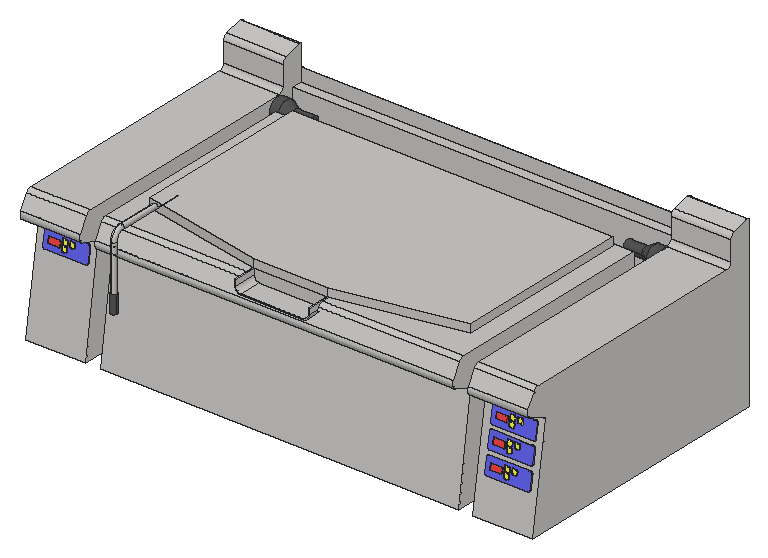
Revit family "QF_CAPIC_PILOTE_W296602", category Equipement spécialisé, Revit 2018
Family settings
  Cote de connecteur circulaire = Utiliser le diamètre
  Type d'élément = Normal
  Numéro OmniClass = 23.40.40.14
  Titre OmniClass = Food Service Equipment
  Basée sur le plan de construction = Non
  Toujours verticalement = Oui
  Couper avec des vides une fois chargée = Non
  Partagée = Non
  Point de calcul de pièce = Non
Parameters (values of type "1700 x 925 x 450 mm")
  URL catalogue = "http://www.capic-fr.com/fr/"
  Type de Raccord Plomberie [instance] = "Raccord 15/21"
  Type de Raccord Electrique [instance] = "Bornier interne"
  Type de Gaz = ""
  Type article [instance] = ""
  Tension = 400 V
  Spécification du Fabricant = ""
  Show Logo [instance] = yes
  Remarques evacuation [instance] = "Ecoulement dans caniveau"
  Remarques Plomberie [instance] = "Eau chaude + froide"
  Remarques Electricité [instance] = "400V TRI + N + T"
  Puissance électrique  = 18000 W
  Puissance Gaz kW = 0
  Profondeur hors tout = 925 mm
  Pression Maximum Eau Adoucie = 0.0 Pa
  Pos Bec = Longueur hors tout / 2  # 850 mm
  Poids net à vide = 330.00 kg
  Pieds (Option X296001) [instance] = no
  Phase = 3
  Modèle = "W296602"
  Longueur hors tout = 1700 mm
  Intensité nominale = 0 A
  Hauteur hors tout = 570 mm
  Hauteur de Raccordement du Sol Finis = 550 mm
  Hauteur de Raccordement Gaz du Sol Finis = 0 mm
  Hauteur de Raccordement Evacuation Directe du Sol Finis = 0 mm
  Hauteur de Raccordement Eau Froide du Sol Finis = 600 mm
  Hauteur de Raccordement Eau Chaude du Sol Finis = 600 mm
  Hauteur de Raccordement Eau Adoucie du Sol Finis = 0 mm
  Fréquence = 50 Hz
  Fabricant = "CAPIC"
  Débit d'air d'extraction = 1350.0 m³/h
  Débit Gaz = 0.0 L/s
  Débit Eau Froide = 0.0 L/s
  Débit Eau Chaude = 0.0 L/s
  Débit Eau Adoucie = 0.0 L/s
  Diamètre de Raccordement Gaz = 0 mm
  Diamètre de Raccordement Evacuation = 0 mm
  Diamètre de Raccordement Eau Froide = 15 mm
  Diamètre de Raccordement Eau Chaude = 15 mm
  Diamètre de Raccordement Eau Adoucie = 0 mm
  Description = "Sauteuse multifonction 60dm2"
  Assembly Code = ""
  Classification  Omniclass nombre et titre = "23.40.40.14"
Reference planes
  plane 1 "Centre (avant/arrière)": y = 0
  plane 2: z = 0
  plane 3 "Centre (gauche/droite)": x = 1000
  plane 4: x = 1200
  plane 5: x = 2500
  plane 6: x = 2700
  plane 7: x = 1000
  plane 8: x = 1250
  plane 9: x = 2450
  plane 10: x = 2387
  plane 11: x = 1313
  plane 12: x = 1974
  plane 13: x = 1726
  plane 14: x = 2676
  plane 15: x = 1024
  plane 16: y = -690
  plane 17: x = 1333.6
  plane 18: x = 1850
  plane 19: y = -80
  plane 20: y = -757
  plane 21: x = 1100
  plane 22: x = 2600
Forms (mm)
  Extrusion 1, solid, material "QF_Stainless Steel-Brushed"
    sketch origin (2000, 0, 0) x (0, 1, 0) y (0, 0, 1)
      loop
        line (0, 450) -> (0, 1013.429)
        arc (0, 1013.429) -> (-0.782, 1015.016) -> (-2.518, 1015.361) r 2
        line (-2.518, 1015.361) -> (-57.918, 1000.516)
        arc (-57.918, 1000.516) -> (-68.074, 993.73) -> (-72, 982.164) r 19
        line (-72, 982.164) -> (-72, 917)
        arc (-72, 917) -> (-76.979, 904.979) -> (-89, 900) r 17
        line (-89, 900) -> (-879.289, 900)
        arc (-879.289, 900) -> (-889.289, 897.321) -> (-896.61, 890) r 20
        line (-896.61, 890) -> (-922.551, 845.067)
        arc (-922.551, 845.067) -> (-924.025, 828.227) -> (-912.071, 816.274) r 20
        line (-912.071, 816.274) -> (-852.584, 794.622)
        arc (-852.584, 794.622) -> (-849.467, 792.029) -> (-848.71, 788.045) r 6
        line (-848.71, 788.045) -> (-902.251, 450) -> (0, 450)
    from -1000 to -800
  Extrusion 2, solid, material "QF_Stainless Steel-Brushed"
    sketch origin (3640.271, 0, 0) x (0, 1, 0) y (0, 0, 1)
      loop
        line (0, 450) -> (0, 1013.429)
        arc (0, 1013.429) -> (-0.782, 1015.016) -> (-2.518, 1015.361) r 2
        line (-2.518, 1015.361) -> (-57.918, 1000.516)
        arc (-57.918, 1000.516) -> (-68.074, 993.73) -> (-72, 982.164) r 19
        line (-72, 982.164) -> (-72, 917)
        arc (-72, 917) -> (-76.979, 904.979) -> (-89, 900) r 17
        line (-89, 900) -> (-879.289, 900)
        arc (-879.289, 900) -> (-889.289, 897.321) -> (-896.61, 890) r 20
        line (-896.61, 890) -> (-922.551, 845.067)
        arc (-922.551, 845.067) -> (-924.025, 828.227) -> (-912.071, 816.274) r 20
        line (-912.071, 816.274) -> (-852.584, 794.622)
        arc (-852.584, 794.622) -> (-849.467, 792.029) -> (-848.71, 788.045) r 6
        line (-848.71, 788.045) -> (-902.251, 450) -> (0, 450)
    from -1140.271 to -940.271
  Extrusion 3, solid, material "QF_Stainless Steel-Brushed"
    sketch origin (2330, 0, 0) x (0, 1, 0) y (0, 0, 1)
      loop
        line (-167.8, 450) -> (-167.8, 900) -> (-879.289, 900)
        arc (-879.289, 900) -> (-889.289, 897.321) -> (-896.61, 890) r 20
        line (-896.61, 890) -> (-922.551, 845.067)
        arc (-922.551, 845.067) -> (-924.025, 828.227) -> (-912.071, 816.274) r 20
        line (-912.071, 816.274) -> (-852.584, 794.622)
        arc (-852.584, 794.622) -> (-849.467, 792.029) -> (-848.71, 788.045) r 6
        line (-848.71, 788.045) -> (-902.251, 450) -> (-167.8, 450)
    from -1080 to 120
  Extrusion 4, solid, material "QF_Stainless Steel-Brushed"
    sketch origin (2000, -494.162, -132.867) x (0, 1, 0) y (0, 0, 1)
      loop
        line (494.162, 1076.367) -> (492.662, 1076.367) -> (492.662, 1032.867) -> (455.662, 1032.867) -> (455.662, 849.104) -> (389.555, 764.49) -> (389.555, 582.867) -> (391.055, 582.867) -> (391.055, 763.974) -> (457.162, 848.587) -> (457.162, 1029.867) -> (494.162, 1029.867) -> (494.162, 1076.367)
    from -800 to 500
  Revolve 5, solid, material "QF_Plastic-Black"
    sketch origin (855.885, -1524, 865) x (-1, 0, 0) y (0, -1, 0)
      loop
        line (-344.115, -1459) -> (-344.115, -1424) -> (-468.115, -1424) -> (-468.115, -1442) -> (-407.115, -1442) -> (-377.115, -1459) -> (-344.115, -1459)
      axis (-344.115, -1424) -> (-468.115, -1424)
    angle from 0 to 360
  Revolve 6, solid, material "QF_Plastic-Black"
    sketch origin (3144.115, -1524, 865) x (1, 0, 0) y (0, 1, 0)
      loop
        line (-644.115, 1459) -> (-677.115, 1459) -> (-707.115, 1442) -> (-768.115, 1442) -> (-768.115, 1424) -> (-644.115, 1424) -> (-644.115, 1459)
      axis (-644.115, 1424) -> (-768.115, 1424)
    angle from 0 to 360
  Extrusion 7, solid, material "QF_Stainless Steel-Brushed"
    sketch origin (363.202, -132.622, 0) x (1, 0, 0) y (0, 1, 0)
      loop
        line (949.798, -43.378) -> (949.798, -639.378) -> (1362.798, -723.378) -> (1610.798, -723.378) -> (2023.798, -639.378) -> (2023.798, -43.378) -> (949.798, -43.378)
    from 900 to 928
  Extrusion 8, solid, material "QF_Stainless Steel-Brushed"
    sketch origin (2000, 0, 0) x (0, 1, 0) y (0, 0, 1)
      loop
        circle (-690, 670) r 45
    from -800 to -750
  Extrusion 9, solid, material "QF_Stainless Steel-Brushed"
    sketch origin (2000, 0, 0) x (0, 1, 0) y (0, 0, -1)
      loop
        circle (-690, -670) r 45
    from -500 to -450
  Sweep 10, solid, material "QF_Stainless Steel-Brushed"
    path origin (1333.6, 444.623, 4000) x (0, 1, 0) y (0, 0, 1)
      loop
        line (-1134.623, -3085) -> (-1364.623, -3085)
        arc (-1364.623, -3085) -> (-1385.836, -3093.787) -> (-1394.623, -3115) r 30
        line (-1394.623, -3115) -> (-1394.623, -3271.5)
    profile origin (1333.6, -805, 915) x (0, 0, -1) y (1, 0, 0)
      loop
        circle (0, 0) r 8
  Extrusion 11, solid, material "QF_Stainless Steel-Brushed"
    sketch origin (1703.331, 0, -242.806) x (1, 0, 0) y (0, 0, 1)
      loop
        line (21.669, 1142.806) -> (21.669, 1122.806)
        arc (21.669, 1122.806) -> (27.527, 1108.664) -> (41.669, 1102.806) r 20
        line (41.669, 1102.806) -> (251.669, 1102.806)
        arc (251.669, 1102.806) -> (265.811, 1108.664) -> (271.669, 1122.806) r 20
        line (271.669, 1122.806) -> (271.669, 1142.806) -> (268.669, 1142.806) -> (268.669, 1122.806)
        arc (268.669, 1122.806) -> (263.69, 1110.786) -> (251.669, 1105.806) r 17
        line (251.669, 1105.806) -> (41.669, 1105.806)
        arc (41.669, 1105.806) -> (29.648, 1110.786) -> (24.669, 1122.806) r 17
        line (24.669, 1122.806) -> (24.669, 1142.806) -> (21.669, 1142.806)
    from 856 to 932
  Extrusion 12, void
    sketch origin (2000, 0, 0) x (1, 0, 0) y (0, 0, 1)
      loop
        line (-275, 900) -> (-275, 880)
        arc (-275, 880) -> (-269.142, 865.858) -> (-255, 860) r 20
        line (-255, 860) -> (-45, 860)
        arc (-45, 860) -> (-30.858, 865.858) -> (-25, 880) r 20
        line (-25, 880) -> (-25, 900) -> (-275, 900)
    from 856 to 932
  Extrusion 13, solid, material "QF_Plastic-Black"
    sketch origin (2000, 0, 0) x (1, 0, 0) y (0, 1, 0)
      loop
        circle (-666.4, -949.574) r 10
    from 670 to 728.5
  Revolve 14, solid, material "QF_Stainless Steel-Brushed", visible <- "Pieds (Option X296001)"
    sketch origin (1100, -1524, 1213.106) x (0, 0, 1) y (0, -1, 0)
      loop
        line (-763.106, -1488) -> (-763.106, -1444) -> (-1213.106, -1444) -> (-1213.106, -1484) -> (-1205.106, -1484) -> (-1188.792, -1452) -> (-1143.106, -1452) -> (-1143.106, -1488) -> (-763.106, -1488)
      axis (-1213.106, -1444) -> (-763.106, -1444)
    angle from 0 to 360
  Revolve 15, solid, material "QF_Stainless Steel-Brushed", visible <- "Pieds (Option X296001)"
    sketch origin (2600, -1524, 1373.181) x (0, 0, 1) y (0, -1, 0)
      loop
        line (-923.181, -1488) -> (-923.181, -1444) -> (-1373.181, -1444) -> (-1373.181, -1484) -> (-1365.181, -1484) -> (-1348.866, -1452) -> (-1303.181, -1452) -> (-1303.181, -1488) -> (-923.181, -1488)
      axis (-1373.181, -1444) -> (-923.181, -1444)
    angle from 0 to 360
  Revolve 16, solid, material "QF_Stainless Steel-Brushed", visible <- "Pieds (Option X296001)"
    sketch origin (1100, -2201, 1213.106) x (0, 0, 1) y (0, -1, 0)
      loop
        line (-763.106, -1488) -> (-763.106, -1444) -> (-1213.106, -1444) -> (-1213.106, -1484) -> (-1205.106, -1484) -> (-1188.792, -1452) -> (-1143.106, -1452) -> (-1143.106, -1488) -> (-763.106, -1488)
      axis (-1213.106, -1444) -> (-763.106, -1444)
    angle from 0 to 360
  Revolve 17, solid, material "QF_Stainless Steel-Brushed", visible <- "Pieds (Option X296001)"
    sketch origin (2600, -2201, 1373.181) x (0, 0, 1) y (0, -1, 0)
      loop
        line (-923.181, -1488) -> (-923.181, -1444) -> (-1373.181, -1444) -> (-1373.181, -1484) -> (-1365.181, -1484) -> (-1348.866, -1452) -> (-1303.181, -1452) -> (-1303.181, -1488) -> (-923.181, -1488)
      axis (-1373.181, -1444) -> (-923.181, -1444)
    angle from 0 to 360
Cuts and joins
  Extrusion 12 cuts Extrusion 3
Lines and regions (mm)
  symbolic lines, style "SpecialityEquipment"
    curve 1: line (1000, -58.953, 1085.565) -> (1000, -118.218, 1762.978)
    curve 2: line (1000, -86.846, 1083.125) -> (1000, -58.953, 1085.565)
    curve 3: line (1000, -146.112, 1760.537) -> (1000, -86.846, 1083.125)
    curve 4: line (1000, -118.218, 1762.978) -> (1000, -146.112, 1760.537)
    curve 5: line (1000, -303.472, 1838.118) -> (1000, -168.986, 1849.884)
    curve 6: line (1000, -302.078, 1822.179) -> (1000, -167.591, 1833.945)
    curve 7: line (1000, -139.139, 1761.148) -> (1000, -143.758, 1813.946)
    curve 8: line (1000, -123.199, 1762.542) -> (1000, -127.819, 1815.34)
    curve 9: arc (1000, -167.591, 1833.945) -> (1000, -151.533, 1828.881) -> (1000, -143.758, 1813.946) r 22
    curve 10: arc (1000, -168.986, 1849.884) -> (1000, -141.248, 1841.138) -> (1000, -127.819, 1815.34) r 38
    curve 13: line (0, -370.766, 1804.123) -> (0, -301.686, 1817.696)
    curve 15: line (1000, -303.472, 1838.118) -> (1000, -303.864, 1842.601)
    curve 16: line (1000, -301.686, 1817.696) -> (1000, -302.078, 1822.179)
  symbolic lines, style "SpecialityEquipmentHiddenLines"
    curve 11: arc (1000, -179.175, 1755.536) -> (1000, -670.405, 1488.997) -> (1000, -885.671, 973.235) r 840
    curve 12: line (0, -303.864, 1842.601) -> (0, -374.252, 1843.971)
    curve 14: arc (0, -374.252, 1843.971) -> (0, -392.433, 1822.304) -> (0, -370.766, 1804.123) r 20
Dimensions and locks
  locked: plane 5 to plane 6 at 200
  locked: plane 7 to plane 4 at 200
  "Longueur hors tout": plane 7 to plane 6
  locked: plane 4 to plane 8 at 50
  locked: plane 9 to plane 5 at 50
  locked: plane 8 to plane 11 at 63
  locked: plane 10 to plane 9 at 63
  locked: plane 13 to plane 12 at 248
  locked: plane 6 to plane 14 at 24
  locked: plane 7 to plane 15 at 24
  locked: plane 8 to plane 17 at 83.6
  "Pos Bec": plane 7 to plane 18
  equal spacing: plane 13, plane 18, plane 12
  locked: plane 19 to plane 1 "Centre (avant/arrière)" at 80
  locked: plane 20 to plane 19 at 677
  locked: plane 21 to plane 7 at 100
  locked: plane 6 to plane 22 at 100
  aligned and locked: level to plane 2
  aligned and locked: plane 4 to Extrusion 1
  aligned and locked: plane 6 to Extrusion 2
  aligned and locked: Extrusion 1 to plane 7
  aligned and locked: Extrusion 2 to plane 5
  aligned and locked: Extrusion 3 to plane 8
  aligned and locked: plane 9 to Extrusion 3
  aligned and locked: plane 5 to Extrusion 4
  aligned and locked: Extrusion 4 to plane 4
  aligned and locked: Extrusion 4 to Extrusion 7
  aligned and locked: plane 11 to Extrusion 7
  aligned and locked: plane 10 to Extrusion 7
  aligned and locked: plane 13 to Extrusion 7 sketch curve
  aligned and locked: plane 12 to Extrusion 7 sketch curve
  aligned and locked: Extrusion 8 to plane 4
  aligned and locked: Extrusion 8 to Extrusion 3
  aligned and locked: plane 5 to Extrusion 9
  aligned and locked: Extrusion 9 to plane 9
  aligned and locked: plane 17 to Extrusion 13 sketch curve
  aligned and locked: Extrusion 13 to Sweep 10
  aligned and locked: nested 1 to plane 15
  aligned and locked: nested 2 to plane 14
  aligned and locked: plane 19 to Revolve 14 sketch curve  (x2)
  aligned and locked: nested 3 to plane 14
  aligned and locked: nested 4 to plane 14
Automatic sketch dimensions
  curve 9 to curve 10 = 0 mm  (x2)
  curve 15 to plane 19 = 223.472 mm
  curve 5 to curve 16 = 1.394 mm
  curve 5 to plane 19 = 88.986 mm
  curve 10 to curve 6 = 1.394 mm
  curve 9 to curve 9 = 1.917 mm
  curve 9 to curve 3 = 19.562 mm
  curve 9 to curve 7 = 21.916 mm
  curve 7 to curve 8 = 15.939 mm
  curve 3 to curve 4 = 27.893 mm
  curve 2 to plane 19 = 6.846 mm
  plane 19 to curve 11 = 33 mm
  level to curve 11 = 926 mm
  curve 11 to curve 2 = 157.125 mm
  curve 2 to curve 2 = 2.44 mm
  curve 3 to curve 10 = 51.491 mm
  curve 9 to curve 7 = 1.917 mm
  curve 7 to curve 8 = 1.394 mm
  curve 6 to curve 9 = 11.766 mm
  curve 6 to curve 15 = 15.939 mm
  curve 15 to curve 5 = 0.392 mm
  curve 11 to plane 20 = 128.671 mm
  curve 6 to curve 16 = 0.392 mm
  curve 11 to curve 3 = 33.063 mm
  curve 11 to curve 2 = 109.89 mm
  curve 12 to plane 19 = 294.252 mm
  curve 12 to curve 14 = 1.743 mm
  curve 14 to curve 13 = 1.743 mm
  level to curve 13 = 1804.123 mm
  curve 13 to curve 14 = 19.924 mm
  curve 12 to curve 12 = 70.387 mm
  curve 12 to curve 13 = 2.179 mm
  curve 13 to curve 13 = 13.572 mm
  curve 13 to curve 12 = 24.905 mm
  Extrusion 1 sketch curve to Extrusion 1 sketch curve = 2 mm
  Extrusion 1 sketch curve to Extrusion 1 sketch curve = 0.518 mm
  plane 19 to Extrusion 1 sketch curve = 27 mm
  Extrusion 1 sketch curve to Extrusion 1 sketch curve = 4.918 mm
  plane 19 to Extrusion 1 sketch curve = 8 mm
  Extrusion 1 sketch curve to plane 19 = 9 mm
  Extrusion 1 sketch curve to plane 20 = 91.71 mm
  Extrusion 1 sketch curve to Extrusion 1 sketch curve = 3.874 mm
  Extrusion 1 sketch curve to Extrusion 1 sketch curve = 2.052 mm
  Extrusion 1 sketch curve to Extrusion 1 sketch curve = 26.705 mm
  Extrusion 1 sketch curve to Extrusion 1 sketch curve = 17.321 mm  (x2)
  Extrusion 1 sketch curve to plane 20 = 145.251 mm
  Extrusion 1 sketch curve to Extrusion 1 sketch curve = 25.942 mm
  Extrusion 1 sketch curve to Extrusion 1 sketch curve = 6.84 mm
  Extrusion 1 sketch curve to Extrusion 1 sketch curve = 338.045 mm
  Extrusion 1 sketch curve to Extrusion 1 sketch curve = 0.939 mm
  Extrusion 1 sketch curve to Extrusion 1 sketch curve = 21.652 mm
  Extrusion 1 sketch curve to Extrusion 1 sketch curve = 18.794 mm
  Extrusion 1 sketch curve to Extrusion 1 sketch curve = 44.933 mm
  Extrusion 1 sketch curve to Extrusion 1 sketch curve = 10 mm
  Extrusion 1 sketch curve to Extrusion 1 sketch curve = 65.164 mm
  Extrusion 1 sketch curve to Extrusion 1 sketch curve = 12.913 mm
  Extrusion 2 sketch curve to Extrusion 2 sketch curve = 2 mm
  Extrusion 2 sketch curve to Extrusion 2 sketch curve = 0.518 mm
  plane 19 to Extrusion 2 sketch curve = 27 mm
  Extrusion 2 sketch curve to Extrusion 2 sketch curve = 4.918 mm
  plane 19 to Extrusion 2 sketch curve = 8 mm
  Extrusion 2 sketch curve to plane 19 = 9 mm
  Extrusion 2 sketch curve to plane 20 = 91.71 mm
  Extrusion 2 sketch curve to Extrusion 2 sketch curve = 3.874 mm
  Extrusion 2 sketch curve to Extrusion 2 sketch curve = 2.052 mm
  Extrusion 2 sketch curve to Extrusion 2 sketch curve = 26.705 mm
  Extrusion 2 sketch curve to Extrusion 2 sketch curve = 17.321 mm  (x2)
  Extrusion 2 sketch curve to plane 20 = 145.251 mm
  Extrusion 2 sketch curve to Extrusion 2 sketch curve = 25.942 mm
  Extrusion 2 sketch curve to Extrusion 2 sketch curve = 6.84 mm
  Extrusion 2 sketch curve to Extrusion 2 sketch curve = 338.045 mm
  Extrusion 2 sketch curve to Extrusion 2 sketch curve = 0.939 mm
  Extrusion 2 sketch curve to Extrusion 2 sketch curve = 21.652 mm
  Extrusion 2 sketch curve to Extrusion 2 sketch curve = 18.794 mm
  Extrusion 2 sketch curve to Extrusion 2 sketch curve = 44.933 mm
  Extrusion 2 sketch curve to Extrusion 2 sketch curve = 10 mm
  Extrusion 2 sketch curve to Extrusion 2 sketch curve = 65.164 mm
  Extrusion 2 sketch curve to Extrusion 2 sketch curve = 12.913 mm
  Extrusion 3 sketch curve to plane 20 = 165.551 mm
  Extrusion 3 sketch curve to Extrusion 3 sketch curve = 10.48 mm
  Extrusion 3 sketch curve to Extrusion 3 sketch curve = 17.321 mm  (x2)
  Extrusion 3 sketch curve to plane 20 = 145.251 mm
  Extrusion 3 sketch curve to Extrusion 3 sketch curve = 25.942 mm
  Extrusion 3 sketch curve to Extrusion 3 sketch curve = 57.435 mm
  Extrusion 3 sketch curve to Extrusion 3 sketch curve = 2.052 mm
  Extrusion 3 sketch curve to Extrusion 3 sketch curve = 5.926 mm
  Extrusion 3 sketch curve to plane 19 = 87.8 mm
  level to Extrusion 3 sketch curve = 450 mm
  Extrusion 3 sketch curve to Extrusion 3 sketch curve = 338.045 mm
  Extrusion 3 sketch curve to Extrusion 3 sketch curve = 0.939 mm
  Extrusion 3 sketch curve to Extrusion 3 sketch curve = 21.652 mm
  Extrusion 3 sketch curve to Extrusion 3 sketch curve = 18.794 mm
  Extrusion 3 sketch curve to Extrusion 3 sketch curve = 44.933 mm
  Extrusion 3 sketch curve to Extrusion 3 sketch curve = 10 mm
  Extrusion 4 sketch curve to plane 1 "Centre (avant/arrière)" = 0 mm
  Extrusion 4 sketch curve to Extrusion 4 sketch curve = 1.5 mm  (x3)
  Extrusion 4 sketch curve to Extrusion 4 sketch curve = 35.5 mm
  Extrusion 4 sketch curve to plane 19 = 23.107 mm
  level to Extrusion 4 sketch curve = 450 mm
  Extrusion 4 sketch curve to Extrusion 4 sketch curve = 181.107 mm
  Extrusion 4 sketch curve to Extrusion 4 sketch curve = 0.516 mm  (x2)
  Extrusion 4 sketch curve to Extrusion 4 sketch curve = 84.613 mm
  Extrusion 4 sketch curve to Extrusion 4 sketch curve = 180.763 mm
  Extrusion 4 sketch curve to Extrusion 4 sketch curve = 3 mm
  Extrusion 4 sketch curve to Extrusion 4 sketch curve = 43.5 mm
  Revolve 5 sketch curve to plane 4 = 0 mm  (x2)
  Revolve 5 sketch curve to plane 8 = 17 mm
  Revolve 5 sketch curve to plane 19 = 2 mm
  plane 8 to Revolve 5 sketch curve = 13 mm
  Revolve 5 sketch curve to plane 17 = 9.6 mm
  plane 19 to Revolve 5 sketch curve = 15 mm
  Revolve 5 sketch curve to Revolve 5 sketch curve = 18 mm
  Revolve 5 sketch curve to Revolve 5 sketch curve = 0 mm  (x2)
  Revolve 6 sketch curve to plane 5 = 0 mm  (x2)
  plane 9 to Revolve 6 sketch curve = 17 mm
  Revolve 6 sketch curve to plane 19 = 2 mm
  Revolve 6 sketch curve to plane 9 = 13 mm
  plane 10 to Revolve 6 sketch curve = 11 mm
  Revolve 6 sketch curve to Revolve 6 sketch curve = 18 mm
  plane 19 to Revolve 6 sketch curve = 15 mm
  Revolve 6 sketch curve to Revolve 6 sketch curve = 0 mm  (x2)
  Extrusion 7 sketch curve to plane 11 = 0 mm
  Extrusion 7 sketch curve to plane 10 = 0 mm
  Extrusion 7 sketch curve to plane 20 = 99 mm
  Extrusion 7 sketch curve to plane 20 = 15 mm  (x2)
  Extrusion 7 sketch curve to plane 19 = 96 mm
  Extrusion 8 sketch curve to plane 16 = 0 mm
  level to Extrusion 8 sketch curve = 670 mm
  Extrusion 9 sketch curve to plane 16 = 0 mm
  level to Extrusion 9 sketch curve = 670 mm
  Sweep 10 sketch curve to plane 16 = 0 mm
  Sweep 10 sketch curve to plane 20 = 163 mm
  Sweep 10 sketch curve to Sweep 10 sketch curve = 30 mm
  level to Sweep 10 sketch curve = 885 mm
  Sweep 10 sketch curve to Sweep 10 sketch curve = 156.5 mm
  Sweep 10 sketch curve to plane 17 = 0 mm
  Sweep 10 sketch curve to profile plane = 0 mm
  Extrusion 11 sketch curve to Extrusion 11 sketch curve = 0 mm  (x4)
  plane 13 to Extrusion 11 sketch curve = 1 mm
  Extrusion 11 sketch curve to plane 13 = 2 mm
  Extrusion 11 sketch curve to Extrusion 11 sketch curve = 17 mm
  plane 12 to Extrusion 11 sketch curve = 19 mm
  plane 12 to Extrusion 11 sketch curve = 2 mm
  level to Extrusion 11 sketch curve = 860 mm
  Extrusion 11 sketch curve to Extrusion 11 sketch curve = 20 mm  (x2)
  plane 13 to Extrusion 12 sketch curve = 1 mm
  Extrusion 12 sketch curve to plane 13 = 19 mm
  plane 12 to Extrusion 12 sketch curve = 19 mm
  Extrusion 12 sketch curve to plane 12 = 1 mm
  level to Extrusion 12 sketch curve = 860 mm
  Extrusion 12 sketch curve to Extrusion 12 sketch curve = 20 mm
  Extrusion 13 sketch curve to plane 20 = 192.574 mm
  Revolve 14 sketch curve to level = 0 mm
  level to Revolve 14 sketch curve = 8 mm
  plane 19 to Revolve 14 sketch curve = 8 mm
  level to Revolve 14 sketch curve = 24.315 mm
  Revolve 14 sketch curve to Revolve 14 sketch curve = 45.685 mm
  plane 1 "Centre (avant/arrière)" to Revolve 14 sketch curve = 36 mm
  Revolve 14 sketch curve to Revolve 14 sketch curve = 380 mm
  Revolve 14 sketch curve to Revolve 14 sketch curve = 40 mm
  Revolve 14 sketch curve to Revolve 14 sketch curve = 20 mm
  Revolve 14 sketch curve to Revolve 14 sketch curve = 120 mm
  Revolve 15 sketch curve to level = 0 mm
  Revolve 15 sketch curve to plane 19 = 0 mm  (x2)
  level to Revolve 15 sketch curve = 8 mm
  plane 19 to Revolve 15 sketch curve = 8 mm
  level to Revolve 15 sketch curve = 24.315 mm
  Revolve 15 sketch curve to Revolve 15 sketch curve = 45.685 mm
  plane 1 "Centre (avant/arrière)" to Revolve 15 sketch curve = 36 mm
  Revolve 15 sketch curve to Revolve 15 sketch curve = 380 mm
  Revolve 15 sketch curve to Revolve 15 sketch curve = 40 mm
  Revolve 15 sketch curve to Revolve 15 sketch curve = 20 mm
  Revolve 15 sketch curve to Revolve 15 sketch curve = 120 mm
  Revolve 16 sketch curve to level = 0 mm
  Revolve 16 sketch curve to plane 20 = 0 mm  (x2)
  Revolve 16 sketch curve to Revolve 16 sketch curve = 8 mm
  plane 20 to Revolve 16 sketch curve = 8 mm
  level to Revolve 16 sketch curve = 24.315 mm
  Revolve 16 sketch curve to Revolve 16 sketch curve = 45.685 mm
  Revolve 16 sketch curve to plane 16 = 23 mm
  Revolve 16 sketch curve to Revolve 16 sketch curve = 380 mm
  Revolve 16 sketch curve to plane 16 = 27 mm
  Revolve 16 sketch curve to Revolve 16 sketch curve = 20 mm
  Revolve 16 sketch curve to Revolve 16 sketch curve = 120 mm
  Revolve 17 sketch curve to level = 0 mm
  Revolve 17 sketch curve to plane 20 = 0 mm  (x2)
  level to Revolve 17 sketch curve = 8 mm
  plane 20 to Revolve 17 sketch curve = 8 mm
  level to Revolve 17 sketch curve = 24.315 mm
  Revolve 17 sketch curve to Revolve 17 sketch curve = 45.685 mm
  Revolve 17 sketch curve to plane 16 = 23 mm
  Revolve 17 sketch curve to Revolve 17 sketch curve = 380 mm
  Revolve 17 sketch curve to plane 16 = 27 mm
  Revolve 17 sketch curve to Revolve 17 sketch curve = 20 mm
  Revolve 17 sketch curve to Revolve 17 sketch curve = 120 mm
  plane 1 "Centre (avant/arrière)" to Extrusion 1 sketch curve = 0 mm
  level to Extrusion 1 sketch curve = 450 mm
  plane 1 "Centre (avant/arrière)" to Extrusion 2 sketch curve = 0 mm
  level to Extrusion 2 sketch curve = 450 mm
  radius of Extrusion 8 sketch curve = 45 mm
  radius of Extrusion 9 sketch curve = 45 mm
  radius of Sweep 10 sketch curve = 8 mm
  radius of Extrusion 13 sketch curve = 10 mm
Nested families
  nested 1: "QF_Details_CarteCde" at (1024, 1.452, 0), type "QF_Details_CarteCde"
  nested 2: "QF_Details_CarteCde" at (2524, 1.452, 0), type "QF_Details_CarteCde"
  nested 3: "QF_Details_CarteCde" at (2524, -10, -71.736), type "QF_Details_CarteCde"
  nested 4: "QF_Details_CarteCde" at (2524, -21.381, -144.163), type "QF_Details_CarteCde"
Definition of nested family "QF_Details_CarteCde"
  Reference planes
    plane 1 "Centre (avant/arrière)": y = 0
    plane 2: z = 0
    plane 3 "Centre (gauche/droite)": x = 0
  Forms (mm)
    Extrusion 1, solid
      sketch origin (0, -975.563, -3.706) x (1, 0, 0) y (0, 0.156434, 0.987688)
        loop
          arc (7, 787.388) -> (2.05, 785.338) -> (0, 780.388) r 7
          line (0, 780.388) -> (0, 735.388)
          arc (0, 735.388) -> (2.05, 730.439) -> (7, 728.388) r 7
          line (7, 728.388) -> (145, 728.388)
          arc (145, 728.388) -> (149.95, 730.439) -> (152, 735.388) r 7
          line (152, 735.388) -> (152, 780.388)
          arc (152, 780.388) -> (149.95, 785.338) -> (145, 787.388) r 7
          line (145, 787.388) -> (7, 787.388)
        loop
          line (15, 767.388) -> (15, 748.388) -> (54, 748.388) -> (54, 767.388) -> (15, 767.388)
        loop
          line (74, 776.917) -> (61, 776.917) -> (61, 763.917)
          arc (61, 763.917) -> (62.172, 761.089) -> (65, 759.917) r 4
          line (65, 759.917) -> (78, 759.917) -> (78, 772.917)
          arc (78, 772.917) -> (76.828, 775.745) -> (74, 776.917) r 4
        loop
          line (99, 776.917) -> (86, 776.917) -> (86, 763.917)
          arc (86, 763.917) -> (87.172, 761.089) -> (90, 759.917) r 4
          line (90, 759.917) -> (103, 759.917) -> (103, 772.917)
          arc (103, 772.917) -> (101.828, 775.745) -> (99, 776.917) r 4
        loop
          line (74, 756.917) -> (61, 756.917) -> (61, 743.917)
          arc (61, 743.917) -> (62.172, 741.089) -> (65, 739.917) r 4
          line (65, 739.917) -> (78, 739.917) -> (78, 752.917)
          arc (78, 752.917) -> (76.828, 755.745) -> (74, 756.917) r 4
      from 0 to 0.5
    Extrusion 2, solid
      sketch origin (0, -973.53, 9.132) x (1, 0, 0) y (0, 0.156434, 0.987688)
        loop
          line (15, 754.391) -> (15, 735.391) -> (54, 735.391) -> (54, 754.391) -> (15, 754.391)
      from 0 to 0.5
    Extrusion 3, solid
      sketch origin (0, -973.53, 9.132) x (1, 0, 0) y (0, 0.156434, 0.987688)
        loop
          line (61, 763.919) -> (61, 750.919)
          arc (61, 750.919) -> (62.172, 748.091) -> (65, 746.919) r 4
          line (65, 746.919) -> (78, 746.919) -> (78, 759.919)
          arc (78, 759.919) -> (76.828, 762.748) -> (74, 763.919) r 4
          line (74, 763.919) -> (61, 763.919)
      from 0 to 0.5
    Extrusion 4, solid
      sketch origin (0, -976.658, -10.622) x (1, 0, 0) y (0, 0.156434, 0.987688)
        loop
          line (61, 763.919) -> (61, 750.919)
          arc (61, 750.919) -> (62.172, 748.091) -> (65, 746.919) r 4
          line (65, 746.919) -> (78, 746.919) -> (78, 759.919)
          arc (78, 759.919) -> (76.828, 762.748) -> (74, 763.919) r 4
          line (74, 763.919) -> (61, 763.919)
      from 0 to 0.5
    Extrusion 5, solid
      sketch origin (25, -973.53, 9.132) x (1, 0, 0) y (0, 0.156434, 0.987688)
        loop
          line (61, 763.919) -> (61, 750.919)
          arc (61, 750.919) -> (62.172, 748.091) -> (65, 746.919) r 4
          line (65, 746.919) -> (78, 746.919) -> (78, 759.919)
          arc (78, 759.919) -> (76.828, 762.748) -> (74, 763.919) r 4
          line (74, 763.919) -> (61, 763.919)
      from 0 to 0.5
  Dimensions and locks
    aligned and locked: level to plane 2
